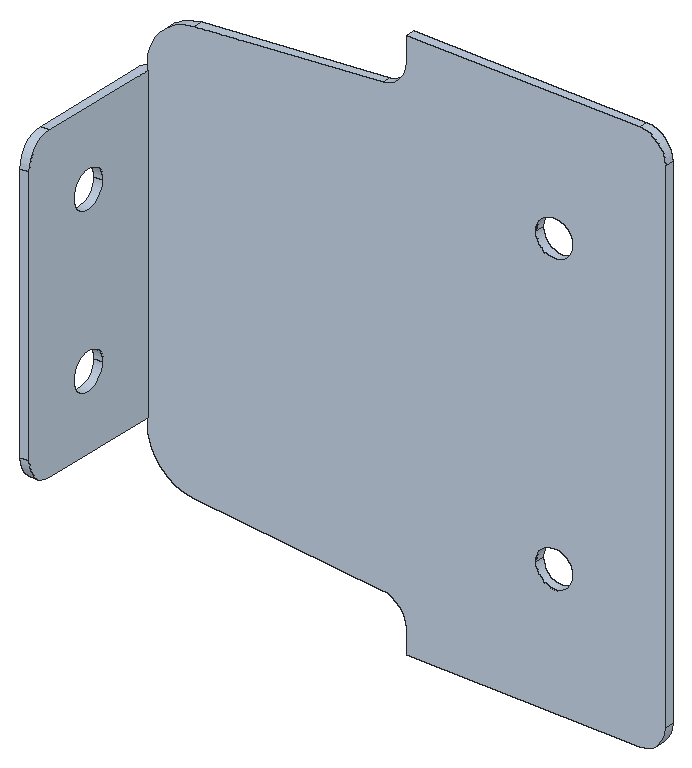
Revit family "SAPp", category 機械設備, Revit 2020
Family settings
  丸型コネクタ寸法 = 直径を使用
  パーツ タイプ = 標準
  OmniClass 番号 = 23.75.00.00
  OmniClass タイトル = Climate Control (HVAC)
  作業面ベース = いいえ
  常に垂直 = はい
  ロード時にボイドで切り取り = いいえ
  共有 = いいえ
  部屋計算ポイント = いいえ
Parameters (values of type "溝形鋼75用")
  遮煙用ｱﾝｸﾞﾙﾋﾟｰｽ ﾏﾃﾘｱﾙ = 溶融亜鉛メッキ
  製造元 = "株式会社サンユー"
  既定の高さ = 0 mm
  URL = "http://www.3you.co.jp"
  SAP = SAPm : SAPm
Types (4, lengths in mm): name | SAP
  (no name) | SAPm : SAPm
  溝形鋼75用 | SAPm : SAPm
  C-65用 | SAPc : C-65用
  C-75用 | SAPc : C-75用
Reference planes
  plane 1 "中心(正面/背面)": y = 0
  plane 2: z = 0
  plane 3 "中心(左/右)": x = 0
Dimensions and locks
  aligned and locked: level to plane 2
Nested families
  nested 1: "SAPm" at (0, 0, 0), type <- "SAP", type "SAPm"
Definition of nested family "SAPm"
  Parameters (values of type "SAPm")
    遮煙用ｱﾝｸﾞﾙﾋﾟｰｽ ﾏﾃﾘｱﾙ = none
    Default Elevation = 0 mm
  Reference planes
    plane 1 "中心(正面/背面)": y = 0
    plane 2: z = 0
    plane 3 "中心(左/右)": x = 0
  Forms (mm)
    Extrusion 1, solid, material <- "遮煙用ｱﾝｸﾞﾙﾋﾟｰｽ ﾏﾃﾘｱﾙ"
      sketch origin (0, 0, 0) x (0, 1, 0) y (0, 0, 1)
        loop
          arc (-17.7, -16.5) -> (-20.175, -17.525) -> (-21.2, -20) r 3.5
          line (-21.2, -20) -> (-21.2, -55)
          arc (-21.2, -55) -> (-20.175, -57.475) -> (-17.7, -58.5) r 3.5
          line (-17.7, -58.5) -> (0, -58.5) -> (0, -16.5) -> (-17.7, -16.5)
        loop
          circle (-11.2, -26.5) r 2.5
        loop
          circle (-11.2, -48.5) r 2.5
      from 0 to 1.2
    Extrusion 2, solid, material <- "遮煙用ｱﾝｸﾞﾙﾋﾟｰｽ ﾏﾃﾘｱﾙ"
      sketch origin (0, 0, 0) x (1, 0, 0) y (0, 0, 1)
        loop
          arc (7.59, -8.941) -> (3.039, -11.185) -> (1.2, -15.914) r 7
          line (1.2, -15.914) -> (1.2, -59.086)
          arc (1.2, -59.086) -> (3.039, -63.815) -> (7.59, -66.059) r 7
          line (7.59, -66.059) -> (33.005, -68.283)
          arc (33.005, -68.283) -> (35.28, -69.405) -> (36.2, -71.769) r 3.5
          line (36.2, -71.769) -> (36.2, -75) -> (67.7, -75)
          arc (67.7, -75) -> (70.175, -73.975) -> (71.2, -71.5) r 3.5
          line (71.2, -71.5) -> (71.2, -3.5)
          arc (71.2, -3.5) -> (70.175, -1.025) -> (67.7, 0) r 3.5
          line (67.7, 0) -> (36.2, 0) -> (36.2, -3.231)
          arc (36.2, -3.231) -> (35.28, -5.595) -> (33.005, -6.717) r 3.5
          line (33.005, -6.717) -> (7.59, -8.941)
        loop
          circle (56.2, -17.5) r 2.5
        loop
          circle (56.2, -57.5) r 2.5
      from 0 to 1.2
    Extrusion 3, void
      sketch origin (0, 0, 0) x (1, 0, 0) y (0, 1, 0)
        loop
          line (1.2, 0) -> (0, 0) -> (0, -1.2)
          arc (0, -1.2) -> (0.351, -0.351) -> (1.2, 0) r 1.2
      from -16.5 to -58.5
  Cuts and joins
    Extrusion 3 cuts Extrusion 1
    joined: Extrusion 1, Extrusion 2
  Dimensions and locks
    aligned and locked: level to plane 2
